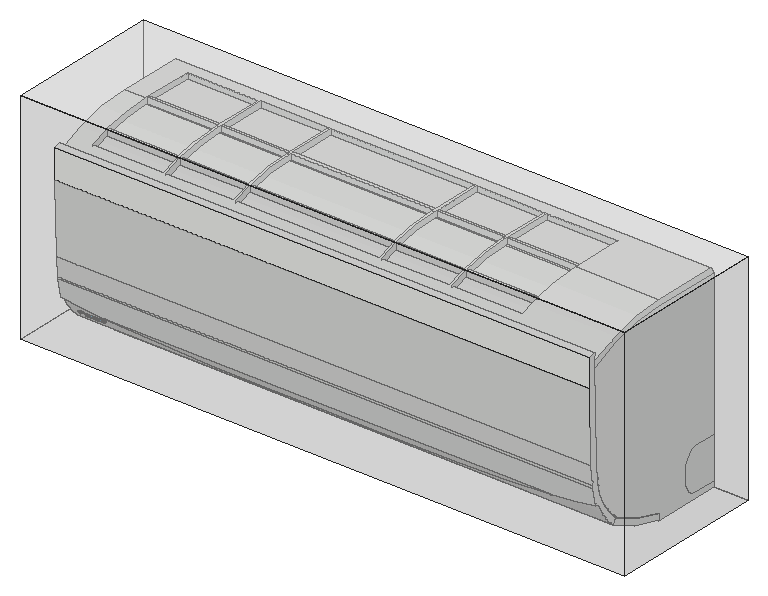
Revit family "outputfile", category 機械設備, Revit 2024
Family settings
  丸型コネクタ寸法 = 半径を使用
  パーツ タイプ = 標準
  OmniClass 番号 = 23.75.10.24.21.27.27
  OmniClass タイトル = Split System Air Conditioning Units
  作業面ベース = いいえ
  常に垂直 = はい
  ロード時にボイドで切り取り = いいえ
  注釈の向きを維持 = いいえ
  共有 = いいえ
  部屋計算ポイント = いいえ
Parameters (values of type "CTKC25RVM4")
  Description = ""
  書き出し IFC クラス(タイプ) = "IfcUnitaryEquipmentType"
  定義済み IFC タイプ(タイプ) = "AIRCONDITIONINGUNIT"
  Cost = 0
  Type Comments = ""
  Keynote = ""
  Type Image = (empty or 0)
  Assembly Code = ""
  w_wall hole = if(Width = 770.0 mm, 48.0 mm, 60.0 mm)  # 48.0 mm
  製造元 = "Daikin"
  モデル = "CTKC25RVM4"
  switch_frequency = yes
  r_Liquid Pipe Size = Liquid Pipe Size / 2  # 3.2 mm
  r_Gas Pipe Size = Gas Pipe Size / 2  # 4.75 mm
  r_Drain Pipe Size = Drain Pipe Size / 2  # 8.0 mm
  lw_powersupply [instance] = if(Width = 770.0 mm, if(or(Rear Right Connection_refrigerant, Bottom Right Connection_refrigerant), 25.0 mm, if(or(Rear Left Connection_refrigerant, Bottom Left Connection_refrigerant), 745.0 mm, 400.0 mm)), if(Width = 990.0 mm, if(or(Rear Right Connection_refrigerant, Bottom Right Connection_refrigerant), 40.0 mm, if(or(Rear Left Connection_refrigerant, Bottom Left Connection_refrigerant), 920.0 mm, 400.0 mm)), if(or(Rear Right Connection_refrigerant, Bottom Right Connection_refrigerant), 40.0 mm, if(or(Rear Left Connection_refrigerant, Bottom Left Connection_refrigerant), 920.0 mm, 400.0 mm))))  # 400.0 mm
  lw_liquidpipe [instance] = if(Width = 770.0 mm, if(or(Rear Right Connection_refrigerant, Bottom Right Connection_refrigerant), 0.0 mm, if(or(Rear Left Connection_refrigerant, Bottom Left Connection_refrigerant), 664.0 mm, 385.0 mm)), if(Width = 990.0 mm, if(or(Rear Right Connection_refrigerant, Bottom Right Connection_refrigerant), 0.0 mm, if(or(Rear Left Connection_refrigerant, Bottom Left Connection_refrigerant), 664.0 mm + (990.0 mm - 770.0 mm), 475.0 mm)), if(or(Rear Right Connection_refrigerant, Bottom Right Connection_refrigerant), 0.0 mm, if(or(Rear Left Connection_refrigerant, Bottom Left Connection_refrigerant), 664.0 mm + (990.0 mm - 770.0 mm), 475.0 mm))))  # 385.0 mm
  lw_gaspipe [instance] = if(Width = 770.0 mm, if(or(Rear Right Connection_refrigerant, Bottom Right Connection_refrigerant), 0.0 mm, if(or(Rear Left Connection_refrigerant, Bottom Left Connection_refrigerant), 675.0 mm, if(Gas Pipe Size = 12.7 mm, 345.0 mm, 335.0 mm))), if(Width = 990.0 mm, if(or(Rear Right Connection_refrigerant, Bottom Right Connection_refrigerant), 10.0 mm, if(or(Rear Left Connection_refrigerant, Bottom Left Connection_refrigerant), 890.0 mm, if(Gas Pipe Size = 15.9 mm, 410.0 mm, 400.0 mm))), if(or(Rear Right Connection_refrigerant, Bottom Right Connection_refrigerant), 10.0 mm, if(or(Rear Left Connection_refrigerant, Bottom Left Connection_refrigerant), 890.0 mm, if(Gas Pipe Size = 15.9 mm, 410.0 mm, 400.0 mm)))))  # 335.0 mm
  lw_drainpipe [instance] = if(Width = 770.0 mm, if(or(Rear Right Connection_refrigerant, Bottom Right Connection_refrigerant), 0.0 mm, if(or(Rear Left Connection_refrigerant, Bottom Left Connection_refrigerant), 770.0 mm - 48.0 mm - 48.0 mm, 440.0 mm)), if(Width = 990.0 mm, if(or(Rear Right Connection_refrigerant, Bottom Right Connection_refrigerant), 0.0 mm, if(or(Rear Left Connection_refrigerant, Bottom Left Connection_refrigerant), 675.0 mm + (990.0 mm - 770.0 mm), 435.0 mm)), if(or(Rear Right Connection_refrigerant, Bottom Right Connection_refrigerant), 0.0 mm, if(or(Rear Left Connection_refrigerant, Bottom Left Connection_refrigerant), 675.0 mm + (990.0 mm - 770.0 mm), 435.0 mm))))  # 440.0 mm
  l_powersupply_length [instance] = if(Width = 770.0 mm, if(Right Connection_refrigerant, 400.0 mm, if(Left Connection_refrigerant, 770.0 mm - 400.0 mm, if(or(Rear Left Connection_refrigerant, Rear Right Connection_refrigerant), 15.0 mm, 50.0 mm))), if(Width = 990.0 mm, if(Right Connection_refrigerant, 400.0 mm, if(Left Connection_refrigerant, 990.0 mm - 400.0 mm, if(or(Rear Left Connection_refrigerant, Rear Right Connection_refrigerant), 15.0 mm, 50.0 mm))), if(Right Connection_refrigerant, 400.0 mm, if(Left Connection_refrigerant, 990.0 mm - 400.0 mm, if(or(Rear Left Connection_refrigerant, Rear Right Connection_refrigerant), 15.0 mm, 50.0 mm)))))  # 400.0 mm
  l_liquidpipe_length [instance] = if(Width = 770.0 mm, if(Right Connection_refrigerant, 433.0 mm, if(Left Connection_refrigerant, 337.0 mm, if(or(Rear Left Connection_refrigerant, Rear Right Connection_refrigerant), 30.0 mm, 40.0 mm))), if(Width = 990.0 mm, if(Right Connection_refrigerant, 535.0 mm, if(Left Connection_refrigerant, 455.0 mm, if(or(Rear Left Connection_refrigerant, Rear Right Connection_refrigerant), 30.0 mm, 40.0 mm))), if(Right Connection_refrigerant, 535.0 mm, if(Left Connection_refrigerant, 455.0 mm, if(or(Rear Left Connection_refrigerant, Rear Right Connection_refrigerant), 30.0 mm, 40.0 mm)))))  # 433.0 mm
  l_gaspipe_length [instance] = if(Width = 770.0 mm, if(Right Connection_refrigerant, if(Gas Pipe Size = 12.7 mm, 393.0 mm, 383.0 mm), if(Left Connection_refrigerant, if(Gas Pipe Size = 12.7 mm, 770.0 mm - 393.0 mm, 770.0 mm - 383.0 mm), if(or(Rear Left Connection_refrigerant, Rear Right Connection_refrigerant), 40.0 mm, 50.0 mm))), if(Width = 990.0 mm, if(Right Connection_refrigerant, if(Gas Pipe Size = 15.9 mm, 470.0 mm, 460.0 mm), if(Left Connection_refrigerant, if(Gas Pipe Size = 15.9 mm, 990.0 mm - 470.0 mm, 990.0 mm - 460.0 mm), if(or(Rear Left Connection_refrigerant, Rear Right Connection_refrigerant), 40.0 mm, 50.0 mm))), if(Right Connection_refrigerant, if(Gas Pipe Size = 15.9 mm, 470.0 mm, 460.0 mm), if(Left Connection_refrigerant, if(Gas Pipe Size = 15.9 mm, 990.0 mm - 470.0 mm, 990.0 mm - 460.0 mm), if(or(Rear Left Connection_refrigerant, Rear Right Connection_refrigerant), 40.0 mm, 50.0 mm)))))  # 383.0 mm
  l_drainpipe_length [instance] = if(Width = 770.0 mm, if(Right Connection_refrigerant, 488.0 mm, if(Left Connection_refrigerant, 282.0 mm, if(or(Rear Left Connection_refrigerant, Rear Right Connection_refrigerant), 15.0 mm, 20.0 mm))), if(Width = 990.0 mm, if(Right Connection_refrigerant, 495.0 mm, if(Left Connection_refrigerant, 495.0 mm, if(or(Rear Left Connection_refrigerant, Rear Right Connection_refrigerant), 15.0 mm, 20.0 mm))), if(Right Connection_refrigerant, 495.0 mm, if(Left Connection_refrigerant, 495.0 mm, if(or(Rear Left Connection_refrigerant, Rear Right Connection_refrigerant), 15.0 mm, 20.0 mm)))))  # 488.0 mm
  h*** = 0.0 mm  # constant formula
  connector_voltage = Voltage_50Hz  # 230 V
  connector_powerinput = [Power Input (Cooling)]  # 0.000 kW
  connector_phase = Phase_50Hz  # 1
  angle_vertical [instance] = if(or(Bottom Left Connection_refrigerant, Bottom Right Connection_refrigerant), 0.00°, 90.00°)  # 90.00°
  angle_horizontal [instance] = if(Right Connection_refrigerant, 90.00°, if(Left Connection_refrigerant, -90.00°, if(or(Rear Left Connection_refrigerant, Rear Right Connection_refrigerant), 180.00°, 0.00°)))  # 90.00°
  Width = 770.0 mm
  Voltage_comment_50Hz = "220 - 240"
  Voltage_50Hz = 230 V
  Version = "ver.1.0"
  Unit Type = "Wall Mounted"
  Unit Mass Weight = 9.00 kg
  Unit Designation [instance] = ""
  Uniclass2015Version = "Products v1.30"
  Uniclass2015Title = "Split coil room air conditioning units"
  Uniclass2015Code = "Pr_70_65_03_86"
  URL = ""
  Total Cooling Capacity [instance] = 0.000 kW
  Sound Pressure Level_M speed (dBA) = 33
  Sound Pressure Level_L speed (dBA) = 25
  Sound Pressure Level_H speed (dBA) = 38
  Sound Power Level_H speed (dB) = 0
  Series = "Multi Split_Fan Coil Unit"
  Sensible Cooling Capacity [instance] = 0.000 kW
  Refrigerant Type = "R32"
  Power Input (Cooling) = 0.000 kW
  Phase_50Hz = 1
  Option Accessory 3 [instance] = ""
  Option Accessory 2 [instance] = ""
  Option Accessory 1 [instance] = ""
  Nominal Cooling Capacity = 2.500 kW
  Minimum Circuit Amps_50Hz = 0.0 A
  Minimum Airflow = 396.00 m³/h
  Median Airflow = 540.00 m³/h
  Maximum Fuse Amps_50Hz = 0.0 A
  Maximum Airflow = 660.00 m³/h
  Material_Casing = DAIKIN_White_Casing_indoorunit
  Load Classification = HVAC
  Liquid Pipe Size = 6.4 mm
  Link_Nested Family [instance] = ""
  IfcVersion = ""
  IfcExportType = "AIRCONDITIONINGUNIT"
  IfcExportAs = "IfcUnitaryEquipmentType"
  Height = 285.0 mm
  Heat Exchanger Type = "Cross Fin Coil"
  Gas Pipe Size = 9.5 mm
  Frequency_50Hz = 50 Hz
  Fan Type = "Cross Flow Fan"
  Fan Drive = "Direct Drive"
  FCU Tag No. [instance] = ""
  Drain Pipe Size = 16.0 mm
  Design Supply Airflow [instance] = 0.00 m³/h
  Depth = 223.0 mm
  既定の高さ = 0.0 mm
  Cooling Entering Wet Bulb Temperature [instance] = 0.00 °C
  Cooling Entering Dry Bulb Temperature [instance] = 0.00 °C
  Cooling Ambient Wet Bulb Temperature [instance] = 0.00 °C
  Cooling Ambient Dry Bulb Temperature [instance] = 0.00 °C
  Clearance visibility [instance] = yes
  Clearance Top = 30.0 mm
  Clearance Right = 50.0 mm
  Clearance Rear = 0.0 mm
  Clearance Left = 50.0 mm
  Clearance Front = 0.0 mm
  Clearance Bottom = 0.0 mm
  Bottom Right Connection_refrigerant [instance] = no
  Bottom Left Connection_refrigerant [instance] = no
  Rear Right Connection_refrigerant [instance] = no
  Rear Left Connection_refrigerant [instance] = no
  Right Connection_refrigerant [instance] = yes
  Left Connection_refrigerant [instance] = no
Reference planes
  plane 1 "Back": y = 0
  plane 2: z = 0
  plane 3 "Center (Left/Right)": x = 0
  plane 4 "Center (Front/Back)": y = -111.5
  plane 5 "Front": y = -223
  plane 6 "Left": x = -385
  plane 7 "Right": x = 385
  plane 8 "Top": z = 0
  plane 9 "Bottom": z = -285
  plane 10: x = -435
  plane 11: x = 435
  plane 12: y = 0
  plane 13: y = -223
  plane 14: z = 30
  plane 15: z = -285
  plane 16 "lw_Piping and Wiring intake": x = 337
  plane 17 "lw_gaspipe": x = 2
  plane 18 "lw_liquidpipe": x = -48
  plane 19 "lw_drainpipe": x = -103
  plane 20 "lh_drainpipe": z = -265
  plane 21 "lh_liquidpipe": z = -245
  plane 22 "lh_gaspipe": z = -235
  plane 23 "ld_drainpipe": y = -15
  plane 24 "ld_liquidpipe": y = -30
  plane 25 "ld_gaspipe": y = -40
  plane 26 "lw_powersupply": x = -15
Dimensions and locks
  equal spacing: plane 6 "Left", plane 3 "Center (Left/Right)", plane 7 "Right"
  "Width": plane 6 "Left" to plane 7 "Right"
  equal spacing: plane 5 "Front", plane 4 "Center (Front/Back)", plane 1 "Back"
  "Depth": plane 5 "Front" to plane 1 "Back"
  "Height": plane 8 "Top" to plane 9 "Bottom"
  "Clearance Rear": plane 12 to plane 1 "Back"
  "Clearance Front": plane 13 to plane 5 "Front"
  "Clearance Top": plane 14 to plane 8 "Top"
  "Clearance Bottom": plane 9 "Bottom" to plane 15
  "w_wall hole": plane 16 "lw_Piping and Wiring intake" to plane 7 "Right"
  "lw_gaspipe": plane 17 "lw_gaspipe" to plane 16 "lw_Piping and Wiring intake"
  "lw_liquidpipe": plane 18 "lw_liquidpipe" to plane 16 "lw_Piping and Wiring intake"
  "lw_drainpipe": plane 19 "lw_drainpipe" to plane 16 "lw_Piping and Wiring intake"
  locked: plane 20 "lh_drainpipe" to plane 9 "Bottom" at 20
  locked: plane 21 "lh_liquidpipe" to plane 9 "Bottom" at 40
  locked: plane 22 "lh_gaspipe" to plane 9 "Bottom" at 50
  locked: plane 23 "ld_drainpipe" to plane 1 "Back" at 15
  locked: plane 1 "Back" to plane 24 "ld_liquidpipe" at 30
  locked: plane 1 "Back" to plane 25 "ld_gaspipe" at 40
  "lw_powersupply": plane 26 "lw_powersupply" to plane 7 "Right"
  "Clearance Right": plane 7 "Right" to plane 11
  "Clearance Left": plane 10 to plane 6 "Left"
  aligned and locked: level to plane 2
  aligned and locked: plane 12 to nested 1
  aligned and locked: nested 1 to plane 13
  aligned and locked: plane 10 to nested 1
  aligned and locked: plane 11 to nested 1
  aligned and locked: plane 15 to nested 1
  aligned and locked: plane 14 to nested 1
  aligned and locked: plane 17 "lw_gaspipe" to nested 2
  aligned and locked: nested 2 to plane 25 "ld_gaspipe"
  aligned and locked: plane 18 "lw_liquidpipe" to nested 3
  aligned and locked: nested 3 to plane 24 "ld_liquidpipe"
  aligned and locked: plane 19 "lw_drainpipe" to nested 4
  aligned and locked: nested 4 to plane 23 "ld_drainpipe"
  aligned and locked: nested 5 to plane 23 "ld_drainpipe"
  aligned and locked: plane 26 "lw_powersupply" to nested 5
  aligned and locked: level to plane 8 "Top"
  aligned and locked: plane 3 "Center (Left/Right)" to nested 6
  aligned and locked: plane 1 "Back" to nested 6
  aligned and locked: plane 8 "Top" to nested 6
Nested families
  nested 1: "daikin_clearancespace" at (0, -111.5, -127.381), show <- "Clearance visibility", visible <- "Clearance visibility", Link_Nested Family <- "Link_Nested Family", type "daikin_clearancespace"
    with width 870.0 mm, show yes, height 315.0 mm, depth 223.0 mm, Link_Nested Family ""
  nested 2: "daikin_connector_rotate3" at (2, -40, -235), angle_vertical <- "angle_vertical", angle_horizontal <- "angle_horizontal", length <- "l_gaspipe_length", radius <- "r_Gas Pipe Size", type "daikin_connector_rotate3"
    with show no, radius 4.75 mm, length 383.0 mm, angle_vertical 90.00°, angle_horizontal 90.00°
  nested 3: "daikin_connector_rotate3" at (-48, -30, -245), angle_vertical <- "angle_vertical", angle_horizontal <- "angle_horizontal", radius <- "r_Liquid Pipe Size", length <- "l_liquidpipe_length", type "daikin_connector_rotate3"
    with show no, radius 3.2 mm, length 433.0 mm, angle_vertical 90.00°, angle_horizontal 90.00°
  nested 4: "daikin_connector_rotate3" at (-103, -15, -265), angle_vertical <- "angle_vertical", angle_horizontal <- "angle_horizontal", length <- "l_drainpipe_length", radius <- "r_Drain Pipe Size", type "daikin_connector_rotate3"
    with show no, radius 8.0 mm, length 488.0 mm, angle_vertical 90.00°, angle_horizontal 90.00°
  nested 5: "daikin_connector_rotate3" at (-15, -15, -235), angle_vertical <- "angle_vertical", angle_horizontal <- "angle_horizontal", length <- "l_powersupply_length", type "daikin_connector_rotate3"
    with show no, radius 10.0 mm, length 400.0 mm, angle_vertical 90.00°, angle_horizontal 90.00°
  nested 6: "DAIKIN_indoorunit_CTKC-RVM4" at (-31, 0, 0), type "CTKC-RVM4"
Connectors
  piping at (385, -40, -235), diameter 9.5, driven by "r_Gas Pipe Size"
    settings: on nested 2, index 1, connector inside diameter 609.6 mm, connector length 0.0 mm, flow factor 0, pipe flow 0.00 m³/h, pressure drop 0.0 Pa, fitting loss kfactor 0, connector angle 0.00°, fixture units 0, engagement length 0.0 mm, angle of deflection 0.00°, flow configuration 1, flow direction 2, fitting loss method 0, system type 29, joint type 0, gender type 0, connector reference index -1, connector utility 0, adjustable connector no, is connector primary yes, connector description "Refrigerant Gas Piping"
  piping at (385, -30, -245), diameter 6.4, driven by "r_Liquid Pipe Size"
    settings: on nested 3, index 2, connector inside diameter 609.6 mm, connector length 0.0 mm, flow factor 0, pipe flow 0.00 m³/h, pressure drop 0.0 Pa, fitting loss kfactor 0, connector angle 0.00°, fixture units 0, engagement length 0.0 mm, angle of deflection 0.00°, flow configuration 1, flow direction 1, fitting loss method 0, system type 29, joint type 0, gender type 0, connector reference index -1, connector utility 0, adjustable connector no, is connector primary no, connector description "Refrigerant Liquid Piping"
  piping at (385, -15, -265), diameter 16, driven by "r_Drain Pipe Size"
    settings: on nested 4, index 3, connector inside diameter 609.6 mm, connector length 0.0 mm, flow factor 0, pipe flow 0.00 m³/h, pressure drop 0.0 Pa, fitting loss kfactor 0, connector angle 0.00°, fixture units 0, engagement length 0.0 mm, angle of deflection 0.00°, flow configuration 1, flow direction 2, fitting loss method 4, system type 16, joint type 0, gender type 0, connector reference index -1, connector utility 0, adjustable connector no, is connector primary no, connector description "Condensate Drain Piping"
  electrical at (385, -15, -235), driven by "Load Classification", driven by "connector_voltage", driven by "connector_powerinput", driven by "connector_phase"
    settings: on nested 5, index 4, voltage 230 V, apparent load 0 VA, apparent load phase1 0 VA, apparent load phase2 0 VA, apparent load phase3 0 VA, power factor 1, load classification "HVAC", number of poles 1, system type 30, power factor state 1, is connector primary yes, connector utility no, sub classification motor no, connector description "Power Supply"
Definition of nested family "daikin_clearancespace"
  Parameters (values of type "daikin_clearancespace")
    Description = "daikin_clearancespace"
    width [instance] = 1823.963 mm
    show [instance] = yes
    material = none
    height [instance] = 1359.762 mm
    depth [instance] = 880.0 mm
    Default Elevation = 0.0 mm
    Link_Nested Family [instance] = ""
  Reference planes
    plane 1 "Center (Front/Back)": y = 0
    plane 2 "Center (Elevation)": z = -0.119
    plane 3 "Center (Left/Right)": x = 0
    plane 4: y = 440
    plane 5: y = -440
    plane 6 "Right": x = 911.982
    plane 7 "Left": x = -911.982
    plane 8 "Top": z = 679.762
    plane 9 "Bottom": z = -680
  Forms (mm)
    Extrusion 1, solid, material <- "material", visible <- "show"
      sketch origin (0, 0, 0) x (1, 0, 0) y (0, 1, 0)
        loop
          line (-911.982, 440) -> (-911.982, -440) -> (911.982, -440) -> (911.982, 440) -> (-911.982, 440)
      from -680 to 679.762
  Lines and regions (mm)
    symbolic lines, visible <- "show"
      curve 1: line (911.982, 440, 0) -> (-911.982, 440, 0)
      curve 2: line (-911.982, 440, 0) -> (-911.982, -440, 0)
      curve 3: line (-911.982, -440, 0) -> (911.982, -440, 0)
      curve 4: line (911.982, -440, 0) -> (911.982, 440, 0)
      curve 5: line (911.982, 0, 679.762) -> (-911.982, 0, 679.762)
      curve 6: line (911.982, 0, -680) -> (911.982, 0, 679.762)
      curve 7: line (-911.982, 0, -680) -> (911.982, 0, -680)
      curve 8: line (-911.982, 0, 679.762) -> (-911.982, 0, -680)
      curve 9: line (0, 440, 679.762) -> (0, -440, 679.762)
      curve 10: line (0, -440, 679.762) -> (0, -440, -680)
      curve 11: line (0, 440, -680) -> (0, 440, 679.762)
      curve 12: line (0, -440, -680) -> (0, 440, -680)
  Dimensions and locks
    "width": plane 7 "Left" to plane 6 "Right"
    "depth": plane 4 to plane 5
    "height": plane 8 "Top" to plane 9 "Bottom"
    equal spacing: plane 7 "Left", plane 3 "Center (Left/Right)", plane 6 "Right"
    equal spacing: plane 4, plane 1 "Center (Front/Back)", plane 5
    equal spacing: plane 8 "Top", plane 2 "Center (Elevation)", plane 9 "Bottom"
    aligned and locked: level to plane 2 "Center (Elevation)"
    aligned and locked: Extrusion 1 sketch curve to plane 4
    aligned and locked: plane 7 "Left" to Extrusion 1 sketch curve
    aligned and locked: Extrusion 1 sketch curve to plane 5
    aligned and locked: Extrusion 1 sketch curve to plane 6 "Right"
    aligned and locked: plane 8 "Top" to Extrusion 1
    aligned and locked: curve 1 to Extrusion 1
    aligned and locked: curve 2 to Extrusion 1
    aligned and locked: curve 3 to Extrusion 1
    aligned and locked: curve 4 to Extrusion 1
    aligned and locked: curve 5 to Extrusion 1
    aligned and locked: curve 6 to Extrusion 1
    aligned and locked: curve 7 to Extrusion 1
    aligned and locked: curve 8 to Extrusion 1
    aligned and locked: curve 9 to Extrusion 1
    aligned and locked: curve 10 to Extrusion 1
    aligned and locked: curve 11 to Extrusion 1
    aligned and locked: curve 12 to Extrusion 1
    aligned and locked: Extrusion 1 to plane 9 "Bottom"
Definition of nested family "DAIKIN_indoorunit_CTKC-RVM4"
  Parameters (values of type "FTKM-QVMA")
    Material_Casing = none
    Default Elevation = 0.0 mm
  Reference planes
    plane 1 "Center (Front/Back)": y = 0
    plane 2 "reference_level": z = 0
    plane 3 "Center (Left/Right)": x = 31
    plane 4: x = -354
    plane 5: x = 416
    plane 6: z = -285
  Forms (mm)
    Extrusion 1, solid, material <- "Material_Casing"
      sketch origin (29, 0, 0) x (0, 1, 0) y (0, 0, 1)
        loop
          line (-5, 0) -> (-98, 0)
          arc (-98, 0) -> (-157.611, -7.211) -> (-213.783, -28.427) r 250
          arc (-213.783, -28.427) -> (-213.842, -32.972) -> (-213.892, -37.516) r 2191
          arc (-213.892, -37.516) -> (-157.832, -15.495) -> (-98.07, -8) r 242
          line (-98.07, -8) -> (0, -8) -> (-5, 0)
      from -383 to 387
    Extrusion 2, solid, material <- "Material_Casing"
      sketch origin (416, 1296.25, 1200) x (0, 1, 0) y (0, 0, 1)
        loop
          line (-1472.998, -1446.91) -> (-1476.998, -1453.839)
          arc (-1476.998, -1453.839) -> (-1437.481, -1472.422) -> (-1395.25, -1483.538) r 240
          line (-1395.25, -1483.538) -> (-1395.25, -1475.422)
          arc (-1395.25, -1475.422) -> (-1435.407, -1464.663) -> (-1472.998, -1446.91) r 232
      from 0 to -47.5
    Extrusion 3, solid, material <- "Material_Casing"
      sketch origin (29, 0, 0) x (0, 1, 0) y (0, 0, 1)
        loop
          arc (-223, -60.455) -> (-222.414, -110.646) -> (-220.656, -160.81) r 2149.92
          arc (-220.656, -160.81) -> (-219.65, -174.299) -> (-217.853, -187.706) r 229.911
          arc (-217.853, -187.706) -> (-205.371, -223.594) -> (-181.517, -253.17) r 111
          line (-181.517, -253.17) -> (-177.429, -246.093)
          arc (-177.429, -246.093) -> (-198.77, -218.989) -> (-209.965, -186.36) r 103
          arc (-209.965, -186.36) -> (-211.681, -173.586) -> (-212.651, -160.735) r 221.844
          arc (-212.651, -160.735) -> (-214.739, -93.233) -> (-214.74, -25.699) r 2186.828
          arc (-214.74, -25.699) -> (-214.671, -21.467) -> (-214.594, -17.235) r 2192
          line (-214.594, -17.235) -> (-223, -19.961) -> (-223, -60.455)
      from -383 to 387
    Extrusion 4, solid, material <- "Material_Casing"
      sketch origin (29, 0, 0) x (0, 1, 0) y (0, 0, 1)
        loop
          line (-181.517, -253.17) -> (-179.597, -249.846)
          arc (-179.597, -249.846) -> (-202.009, -221.399) -> (-213.189, -186.952) r 103
          line (-213.189, -186.952) -> (-217.853, -187.706)
          arc (-217.853, -187.706) -> (-217.533, -189.556) -> (-217.182, -191.4) r 111
          arc (-217.182, -191.4) -> (-213.806, -208.181) -> (-210.362, -224.948) r 4257.809
          arc (-210.362, -224.948) -> (-198.886, -237.857) -> (-186.225, -249.607) r 180
          line (-186.225, -249.607) -> (-181.517, -253.17)
      from -383 to 387
    Extrusion 5, solid, material <- "Material_Casing"
      sketch origin (29, 0, -20) x (0, 1, 0) y (0, 0, 1)
        loop
          line (0, -265) -> (0, 12) -> (-98.07, 12)
          arc (-98.07, 12) -> (-157.832, 4.505) -> (-213.892, -17.516) r 242
          arc (-213.892, -17.516) -> (-213.638, -79.114) -> (-211.653, -140.681) r 2191
          arc (-211.653, -140.681) -> (-210.685, -153.501) -> (-208.973, -166.243) r 221
          arc (-208.973, -166.243) -> (-197.471, -199.282) -> (-175.482, -226.491) r 102
          arc (-175.482, -226.491) -> (-138.004, -244.019) -> (-98, -254.579) r 231
          line (-98, -254.579) -> (-98, -265) -> (0, -265)
      from -383 to 387
    Extrusion 6, solid, material <- "Material_Casing"
      sketch origin (-354, 1296.25, 1200) x (0, 1, 0) y (0, 0, 1)
        loop
          line (-1472.998, -1446.91) -> (-1476.998, -1453.839)
          arc (-1476.998, -1453.839) -> (-1437.481, -1472.422) -> (-1395.25, -1483.538) r 240
          line (-1395.25, -1483.538) -> (-1395.25, -1475.422)
          arc (-1395.25, -1475.422) -> (-1435.407, -1464.663) -> (-1472.998, -1446.91) r 232
      from 47 to 0
    Extrusion 7, solid, material <- "Material_Casing"
      sketch origin (416, 1296.25, 1200) x (0, 1, 0) y (0, 0, 1)
        loop
          line (-1472.998, -1446.91) -> (-1476.998, -1453.839)
          arc (-1476.998, -1453.839) -> (-1443.437, -1470.168) -> (-1407.75, -1481.097) r 240
          line (-1407.75, -1481.097) -> (-1407.75, -1472.894)
          arc (-1407.75, -1472.894) -> (-1441.363, -1462.385) -> (-1472.998, -1446.91) r 232
      from -116.993 to -48.493
    Extrusion 8, solid, material <- "Material_Casing"
      sketch origin (416, 1296.25, 1200) x (0, 1, 0) y (0, 0, 1)
        loop
          line (-1472.998, -1446.91) -> (-1476.998, -1453.839)
          arc (-1476.998, -1453.839) -> (-1443.437, -1470.168) -> (-1407.75, -1481.097) r 240
          line (-1407.75, -1481.097) -> (-1407.75, -1472.894)
          arc (-1407.75, -1472.894) -> (-1441.363, -1462.385) -> (-1472.998, -1446.91) r 232
      from -717 to -121.993
    Extrusion 9, void
      sketch origin (31, 0, -235) x (1, 0, 0) y (0, 1, 0)
        loop
          line (-252.674, -22.316) -> (-354.941, -22.316) -> (-354.941, -91.341) -> (-252.674, -91.341) -> (-252.674, -22.316)
        loop
          line (-249.341, -91.341) -> (-151.574, -91.341) -> (-151.574, -22.316) -> (-249.341, -22.316) -> (-249.341, -91.341)
        loop
          line (58.309, -22.316) -> (-148.309, -22.316) -> (-148.309, -91.341) -> (58.309, -91.341) -> (58.309, -22.316)
        loop
          line (61.689, -22.316) -> (61.689, -91.341) -> (159.457, -91.341) -> (159.457, -22.316) -> (61.689, -22.316)
        loop
          line (162.789, -22.316) -> (162.789, -91.341) -> (265.057, -91.341) -> (265.057, -22.316) -> (162.789, -22.316)
        loop
          line (-354.941, -94.659) -> (-354.941, -165.259) -> (-252.674, -165.259) -> (-252.674, -94.659) -> (-354.941, -94.659)
        loop
          line (-249.341, -94.659) -> (-249.341, -165.259) -> (-151.574, -165.259) -> (-151.574, -94.659) -> (-249.341, -94.659)
        loop
          line (-148.309, -94.659) -> (-148.309, -165.259) -> (58.309, -165.259) -> (58.309, -94.659) -> (-148.309, -94.659)
        loop
          line (61.689, -94.659) -> (61.689, -165.259) -> (159.457, -165.259) -> (159.457, -94.659) -> (61.689, -94.659)
        loop
          line (162.789, -94.659) -> (162.789, -165.259) -> (265.057, -165.259) -> (265.057, -94.659) -> (162.789, -94.659)
        loop
          line (-354.941, -167.382) -> (-354.941, -192.681) -> (-252.674, -192.681) -> (-252.674, -167.382) -> (-354.941, -167.382)
        loop
          line (-249.341, -167.382) -> (-249.341, -192.681) -> (-151.574, -192.681) -> (-151.574, -167.382) -> (-249.341, -167.382)
        loop
          line (-148.309, -167.382) -> (-148.309, -192.681) -> (58.309, -192.681) -> (58.309, -167.382) -> (-148.309, -167.382)
        loop
          line (159.457, -167.382) -> (61.689, -167.382) -> (61.689, -192.681) -> (159.457, -192.681) -> (159.457, -167.382)
        loop
          line (265.057, -167.382) -> (162.789, -167.382) -> (162.789, -192.681) -> (265.057, -192.681) -> (265.057, -167.382)
      from 201.638 to 250
    Extrusion 10, void
      sketch origin (31, 0, 0) x (1, 0, 0) y (0, 0, 1)
        loop
          arc (597, -174.907) -> (0.056, -245.263) -> (-597, -175.856) r 2585.042
          line (-597, -175.856) -> (-597, -352.872) -> (597, -352.872) -> (597, -174.907)
      from 173 to 315.3
    Extrusion 11, solid, material <- "Material_Casing"
      sketch origin (31, 0, 0) x (1, 0, 0) y (0, 0, 1)
        loop
          circle (337, -240.5) r 32.5
        loop
          circle (-337, -240.5) r 32.5
      from 0 to 5
    Extrusion 12, solid, material <- "Material_Casing"
      sketch origin (416, 1296.25, 1200) x (0, -1, 0) y (0, 0, 1)
        loop
          line (1326.25, -1417) -> (1296.25, -1417) -> (1296.25, -1477) -> (1326.25, -1477)
          arc (1326.25, -1477) -> (1340.393, -1471.142) -> (1346.25, -1457) r 20
          line (1346.25, -1457) -> (1346.25, -1437)
          arc (1346.25, -1437) -> (1340.393, -1422.858) -> (1326.25, -1417) r 20
      from 0 to 5
    Extrusion 13, solid, material <- "Material_Casing"
      sketch origin (-354, 1296.25, 1200) x (0, 1, 0) y (0, 0, 1)
        loop
          line (-1296.25, -1417) -> (-1326.25, -1417)
          arc (-1326.25, -1417) -> (-1340.393, -1422.858) -> (-1346.25, -1437) r 20
          line (-1346.25, -1437) -> (-1346.25, -1457)
          arc (-1346.25, -1457) -> (-1340.393, -1471.142) -> (-1326.25, -1477) r 20
          line (-1326.25, -1477) -> (-1296.25, -1477) -> (-1296.25, -1417)
      from 0 to 5
    Extrusion 14, solid, material <- "Material_Casing"
      sketch origin (31, 0, -285) x (-1, 0, 0) y (0, -1, 0)
        loop
          line (-314, 0) -> (-314, 30)
          arc (-314, 30) -> (-319.858, 44.142) -> (-334, 50) r 20
          line (-334, 50) -> (-354, 50)
          arc (-354, 50) -> (-368.142, 44.142) -> (-374, 30) r 20
          line (-374, 30) -> (-374, 0) -> (-314, 0)
        loop
          line (374, 0) -> (374, 30)
          arc (374, 30) -> (368.142, 44.142) -> (354, 50) r 20
          line (354, 50) -> (334, 50)
          arc (334, 50) -> (319.858, 44.142) -> (314, 30) r 20
          line (314, 30) -> (314, 0) -> (374, 0)
      from 0 to 5
  Cuts and joins
    Extrusion 9 cuts Extrusion 1
    Extrusion 10 cuts Extrusion 4
    joined: Extrusion 3, Extrusion 4
  Lines and regions (mm)
    reference lines
      curve 1: line (-523, -201.911, -229.404) -> (-523, -193.542, -239.977)
  Dimensions and locks
    locked: Extrusion 10 sketch curve to Extrusion 10 sketch curve at 1194
    Extrusion 10 sketch curve to Extrusion 10 sketch curve = 1194.0 mm
    locked: Extrusion 12 sketch curve to Extrusion 12 sketch curve at 60
    locked: Extrusion 12 sketch curve to Extrusion 12 sketch curve at 50
    locked: Extrusion 14 sketch curve to Extrusion 14 sketch curve at 60  (x2)
    locked: Extrusion 14 sketch curve to Extrusion 14 sketch curve at 50
    equal spacing: plane 5, plane 3 "Center (Left/Right)", plane 4
    plane 5 to plane 4 = 770.0 mm
    locked: Extrusion 11 sketch curve to plane 4 at 48
    plane 5 to Extrusion 11 sketch curve = 48.0 mm
    plane 2 "reference_level" to plane 6 = 285.0 mm
    locked: Extrusion 11 sketch curve to plane 6 at 44.5  (x2)
    locked: cut or joined group of Extrusion 3, Extrusion 4, Extrusion 10 to nested 1 at 15
    diameter of Extrusion 11 sketch curve = 65.0 mm  (x2)
    aligned and locked: level to plane 2 "reference_level"
    aligned and locked: nested 1 to curve 1
    aligned and locked: Extrusion 13 sketch curve to Extrusion 12  (x4)
    aligned and locked: Extrusion 14 sketch curve to Extrusion 14 sketch curve  (x2)
    aligned and locked: Extrusion 11 to plane 1 "Center (Front/Back)"
  Automatic sketch dimensions
    Extrusion 10 sketch curve to plane 3 "Center (Left/Right)" = 597.0 mm
    Extrusion 10 sketch curve to plane 3 "Center (Left/Right)" = 2.0 mm
    Extrusion 10 sketch curve to level = 352.872 mm
    Extrusion 10 sketch curve to level = 175.856 mm
    Extrusion 10 sketch curve to level = 174.907 mm
    curve 1 to level = 239.977 mm
    plane 1 "Center (Front/Back)" to curve 1 = 193.542 mm
    curve 1 to curve 1 = 10.573 mm
    curve 1 to curve 1 = 8.368 mm
    Extrusion 1 sketch curve to level = 0.0 mm
    Extrusion 1 sketch curve to plane 1 "Center (Front/Back)" = 0.0 mm
    plane 1 "Center (Front/Back)" to Extrusion 1 sketch curve = 5.0 mm
    plane 1 "Center (Front/Back)" to Extrusion 1 sketch curve = 98.0 mm
    Extrusion 1 sketch curve to Extrusion 1 sketch curve = 0.07 mm
    Extrusion 1 sketch curve to level = 59.292 mm
    Extrusion 1 sketch curve to plane 1 "Center (Front/Back)" = 1977.0 mm
    Extrusion 1 sketch curve to level = 250.0 mm
    Extrusion 1 sketch curve to Extrusion 1 sketch curve = 0.0 mm
    Extrusion 1 sketch curve to level = 8.0 mm
    Extrusion 1 sketch curve to level = 28.427 mm
    plane 1 "Center (Front/Back)" to Extrusion 2 sketch curve = 180.748 mm
    Extrusion 2 sketch curve to Extrusion 2 sketch curve = 4.0 mm
    Extrusion 2 sketch curve to Extrusion 2 sketch curve = 77.747 mm
    plane 1 "Center (Front/Back)" to Extrusion 2 sketch curve = 59.279 mm
    Extrusion 2 sketch curve to Extrusion 2 sketch curve = 0.0 mm
    Extrusion 2 sketch curve to level = 283.538 mm
    Extrusion 2 sketch curve to Extrusion 2 sketch curve = 8.116 mm
    Extrusion 2 sketch curve to Extrusion 2 sketch curve = 21.583 mm
    Extrusion 2 sketch curve to Extrusion 2 sketch curve = 6.929 mm
    Extrusion 3 sketch curve to level = 19.961 mm
    plane 1 "Center (Front/Back)" to Extrusion 3 sketch curve = 223.0 mm
    Extrusion 3 sketch curve to level = 17.235 mm
    Extrusion 3 sketch curve to Extrusion 3 sketch curve = 8.406 mm
    plane 1 "Center (Front/Back)" to Extrusion 3 sketch curve = 181.517 mm
    Extrusion 3 sketch curve to Extrusion 3 sketch curve = 4.087 mm
    Extrusion 3 sketch curve to Extrusion 3 sketch curve = 69.11 mm
    Extrusion 3 sketch curve to Extrusion 3 sketch curve = 0.001 mm
    Extrusion 3 sketch curve to plane 1 "Center (Front/Back)" = 8.955 mm
    Extrusion 3 sketch curve to Extrusion 3 sketch curve = 0.067 mm
    Extrusion 3 sketch curve to level = 60.455 mm
    Extrusion 3 sketch curve to Extrusion 3 sketch curve = 1917.898 mm
    Extrusion 3 sketch curve to Extrusion 3 sketch curve = 44.907 mm
    Extrusion 3 sketch curve to Extrusion 3 sketch curve = 5.172 mm
    Extrusion 3 sketch curve to level = 150.456 mm
    Extrusion 3 sketch curve to Extrusion 3 sketch curve = 0.006 mm
    Extrusion 3 sketch curve to Extrusion 3 sketch curve = 19.265 mm
    Extrusion 3 sketch curve to Extrusion 3 sketch curve = 0.004 mm
    Extrusion 3 sketch curve to Extrusion 3 sketch curve = 76.368 mm
    Extrusion 3 sketch curve to Extrusion 3 sketch curve = 7.077 mm
    Extrusion 3 sketch curve to Extrusion 3 sketch curve = 1.002 mm
    Extrusion 3 sketch curve to Extrusion 3 sketch curve = 0.046 mm
    Extrusion 3 sketch curve to Extrusion 3 sketch curve = 8.005 mm
    Extrusion 3 sketch curve to Extrusion 3 sketch curve = 0.147 mm
    Extrusion 3 sketch curve to Extrusion 3 sketch curve = 0.0 mm
    plane 1 "Center (Front/Back)" to Extrusion 4 sketch curve = 217.853 mm
    Extrusion 4 sketch curve to Extrusion 4 sketch curve = 4.664 mm
    Extrusion 4 sketch curve to Extrusion 4 sketch curve = 26.964 mm
    Extrusion 4 sketch curve to Extrusion 4 sketch curve = 4.708 mm
    Extrusion 4 sketch curve to Extrusion 4 sketch curve = 1.92 mm
    Extrusion 4 sketch curve to Extrusion 4 sketch curve = 68.441 mm
    Extrusion 4 sketch curve to Extrusion 4 sketch curve = 2.837 mm
    Extrusion 4 sketch curve to Extrusion 4 sketch curve = 38.066 mm
    level to Extrusion 4 sketch curve = 640.031 mm
    Extrusion 4 sketch curve to plane 1 "Center (Front/Back)" = 3958.661 mm
    Extrusion 4 sketch curve to level = 111.946 mm
    Extrusion 4 sketch curve to Extrusion 4 sketch curve = 57.779 mm
    Extrusion 4 sketch curve to Extrusion 4 sketch curve = 3.149 mm
    Extrusion 4 sketch curve to Extrusion 4 sketch curve = 14.078 mm
    Extrusion 4 sketch curve to Extrusion 4 sketch curve = 0.754 mm
    Extrusion 4 sketch curve to Extrusion 4 sketch curve = 0.239 mm
    Extrusion 4 sketch curve to Extrusion 4 sketch curve = 3.324 mm
    Extrusion 4 sketch curve to Extrusion 4 sketch curve = 0.0 mm
    Extrusion 5 sketch curve to plane 1 "Center (Front/Back)" = 0.0 mm
    plane 1 "Center (Front/Back)" to Extrusion 5 sketch curve = 59.278 mm
    Extrusion 5 sketch curve to Extrusion 5 sketch curve = 98.0 mm
    Extrusion 5 sketch curve to Extrusion 5 sketch curve = 0.0 mm  (x3)
    Extrusion 5 sketch curve to level = 8.0 mm
    Extrusion 5 sketch curve to Extrusion 5 sketch curve = 38.791 mm
    Extrusion 5 sketch curve to Extrusion 5 sketch curve = 10.249 mm
    Extrusion 5 sketch curve to plane 1 "Center (Front/Back)" = 9.11 mm
    Extrusion 5 sketch curve to level = 59.292 mm
    Extrusion 5 sketch curve to Extrusion 5 sketch curve = 1967.89 mm
    Extrusion 5 sketch curve to Extrusion 5 sketch curve = 142.454 mm
    Extrusion 5 sketch curve to Extrusion 5 sketch curve = 19.271 mm
    Extrusion 5 sketch curve to Extrusion 5 sketch curve = 80.275 mm
    Extrusion 5 sketch curve to Extrusion 5 sketch curve = 24.579 mm
    Extrusion 5 sketch curve to Extrusion 5 sketch curve = 10.421 mm
    Extrusion 5 sketch curve to level = 46.847 mm
    Extrusion 5 sketch curve to Extrusion 5 sketch curve = 77.412 mm
    Extrusion 5 sketch curve to Extrusion 5 sketch curve = 33.49 mm
    Extrusion 5 sketch curve to Extrusion 5 sketch curve = 2.68 mm
    plane 1 "Center (Front/Back)" to Extrusion 6 sketch curve = 180.748 mm
    Extrusion 6 sketch curve to Extrusion 6 sketch curve = 4.0 mm
    Extrusion 6 sketch curve to Extrusion 6 sketch curve = 77.747 mm
    plane 1 "Center (Front/Back)" to Extrusion 6 sketch curve = 59.279 mm
    Extrusion 6 sketch curve to Extrusion 6 sketch curve = 0.0 mm
    Extrusion 6 sketch curve to level = 283.538 mm
    Extrusion 6 sketch curve to Extrusion 6 sketch curve = 8.116 mm
    Extrusion 6 sketch curve to Extrusion 6 sketch curve = 21.583 mm
    Extrusion 6 sketch curve to Extrusion 6 sketch curve = 6.929 mm
    plane 1 "Center (Front/Back)" to Extrusion 7 sketch curve = 180.748 mm
    Extrusion 7 sketch curve to Extrusion 7 sketch curve = 4.0 mm
    Extrusion 7 sketch curve to Extrusion 7 sketch curve = 65.247 mm
    plane 1 "Center (Front/Back)" to Extrusion 7 sketch curve = 59.279 mm
    Extrusion 7 sketch curve to Extrusion 7 sketch curve = 0.0 mm
    Extrusion 7 sketch curve to level = 281.097 mm
    Extrusion 7 sketch curve to Extrusion 7 sketch curve = 8.203 mm
    Extrusion 7 sketch curve to Extrusion 7 sketch curve = 19.055 mm
    Extrusion 7 sketch curve to Extrusion 7 sketch curve = 6.929 mm
    plane 1 "Center (Front/Back)" to Extrusion 8 sketch curve = 180.748 mm
    Extrusion 8 sketch curve to Extrusion 8 sketch curve = 4.0 mm
    Extrusion 8 sketch curve to Extrusion 8 sketch curve = 65.247 mm
    plane 1 "Center (Front/Back)" to Extrusion 8 sketch curve = 59.279 mm
    Extrusion 8 sketch curve to Extrusion 8 sketch curve = 0.0 mm
    Extrusion 8 sketch curve to level = 281.097 mm
    Extrusion 8 sketch curve to Extrusion 8 sketch curve = 8.203 mm
    Extrusion 8 sketch curve to Extrusion 8 sketch curve = 19.055 mm
    Extrusion 8 sketch curve to Extrusion 8 sketch curve = 6.929 mm
    plane 1 "Center (Front/Back)" to Extrusion 9 sketch curve = 165.259 mm  (x2)
    Extrusion 9 sketch curve to plane 3 "Center (Left/Right)" = 354.941 mm
    plane 1 "Center (Front/Back)" to Extrusion 9 sketch curve = 22.316 mm  (x3)
    Extrusion 9 sketch curve to Extrusion 9 sketch curve = 0.0 mm  (x26)
    Extrusion 9 sketch curve to Extrusion 9 sketch curve = 102.268 mm  (x2)
    Extrusion 9 sketch curve to Extrusion 9 sketch curve = 3.332 mm  (x4)
    Extrusion 9 sketch curve to Extrusion 9 sketch curve = 97.768 mm  (x2)
    Extrusion 9 sketch curve to Extrusion 9 sketch curve = 3.264 mm  (x3)
    plane 3 "Center (Left/Right)" to Extrusion 9 sketch curve = 58.309 mm
    Extrusion 9 sketch curve to Extrusion 9 sketch curve = 3.38 mm  (x3)
    Extrusion 9 sketch curve to Extrusion 9 sketch curve = 2.124 mm  (x6)
    Extrusion 9 sketch curve to Extrusion 9 sketch curve = 25.299 mm  (x2)
    Extrusion 9 sketch curve to Extrusion 9 sketch curve = 70.6 mm
    Extrusion 9 sketch curve to Extrusion 9 sketch curve = 3.317 mm  (x4)
    Extrusion 12 sketch curve to plane 1 "Center (Front/Back)" = 0.0 mm
    Extrusion 12 sketch curve to Extrusion 12 sketch curve = 20.0 mm  (x2)
    Extrusion 12 sketch curve to level = 277.0 mm
    plane 1 "Center (Front/Back)" to Extrusion 14 sketch curve = 0.0 mm
    plane 3 "Center (Left/Right)" to Extrusion 14 sketch curve = 374.0 mm
    Extrusion 14 sketch curve to Extrusion 14 sketch curve = 20.0 mm  (x3)
    plane 1 "Center (Front/Back)" to Extrusion 14 sketch curve = 30.0 mm
    Extrusion 14 sketch curve to plane 3 "Center (Left/Right)" = 314.0 mm
  Nested families
    nested 1: "daikin_logo_plane_w40" at (-320, -198.871, -233.244) x (1, 0, 0) z (0, -0.7841, -0.6206), type "daikin_logo_plane_w40"
      with show_logo yes
  Definition of nested family "daikin_logo_plane_w40"
    Parameters (values of type "daikin_logo_plane_w40")
      width = 40.0 mm
      show_logo [instance] = yes
      material = none
      height = 0.0 mm
      depth = 0.0 mm
      Default Elevation = 1219.2 mm
    Reference planes
      plane 1 "Center (Front/Back)": y = 0
      plane 2: z = 0
      plane 3 "Center (Left/Right)": x = 0
      plane 4: z = 2
      plane 5 "left": x = -19
      plane 6: x = 19
    Forms (mm)
      Extrusion 1, solid, visible <- "show_logo"
        sketch origin (-19, 0, 0) x (1, 0, 0) y (0, 1, 0)
          loop
            line (8.902, -1.878) -> (7.789, -6.332) -> (11.13, -6.332)
            arc (11.13, -6.332) -> (12.454, -6.064) -> (13.472, -5.176) r 2.642
            arc (13.472, -5.176) -> (13.92, -4.02) -> (13.767, -2.79) r 2.537
            arc (13.767, -2.79) -> (13.452, -2.342) -> (12.982, -2.06) r 1.321
            arc (12.982, -2.06) -> (12.063, -1.902) -> (11.13, -1.878) r 6.479
            line (11.13, -1.878) -> (8.902, -1.878)
          loop
            line (10.016, -5.441) -> (10.907, -5.441)
            arc (10.907, -5.441) -> (11.591, -4.983) -> (11.988, -4.261) r 1.742
            spline (11.988, -4.261) -> (12.01, -4.155) -> (12.027, -4.03) -> (12.037, -3.893) -> (12.037, -3.747) -> (12.026, -3.598) -> (12.002, -3.451) -> (11.962, -3.31) -> (11.905, -3.181) -> (11.829, -3.069) -> (11.731, -2.978) -> (11.61, -2.913) -> (11.464, -2.88)
            line (11.464, -2.88) -> (10.573, -2.88) -> (10.016, -5.441)
          loop
            line (13.58, -6.332) -> (14.805, -6.332) -> (15.223, -5.553) -> (16.977, -5.553) -> (17.144, -6.332) -> (19.149, -6.332) -> (18.258, -1.878) -> (16.03, -1.878) -> (13.58, -6.332)
          loop
            line (16.476, -3.214) -> (15.76, -4.551) -> (16.762, -4.551) -> (16.476, -3.214)
          loop
            line (19.705, -6.332) -> (21.599, -6.332) -> (22.712, -1.878) -> (20.819, -1.878) -> (19.705, -6.332)
          loop
            line (22.712, -6.332) -> (24.606, -6.332) -> (24.908, -5.122) -> (25.831, -6.332) -> (28.17, -6.332) -> (26.388, -3.994) -> (28.949, -1.878) -> (26.945, -1.878) -> (25.401, -3.153) -> (25.719, -1.878) -> (23.826, -1.878) -> (22.712, -6.332)
          loop
            line (29.84, -1.878) -> (28.615, -6.332) -> (30.62, -6.332) -> (31.734, -1.878) -> (29.84, -1.878)
          loop
            line (31.734, -6.332) -> (33.07, -6.332) -> (33.7, -3.814) -> (34.518, -6.332) -> (36.745, -6.332) -> (37.859, -1.878) -> (36.523, -1.878) -> (35.845, -4.589) -> (34.963, -1.878) -> (32.847, -1.878) -> (31.734, -6.332)
        from 0 to 2
      Extrusion 2, solid, visible <- "show_logo"
        sketch origin (-19, 0, 0) x (1, 0, 0) y (0, 1, 0)
          loop
            line (8.7, 0) -> (4.235, 0) -> (0, -3.879) -> (0, -8) -> (8.7, 0)
        from 0 to 2
      Extrusion 3, solid, visible <- "show_logo"
        sketch origin (-19, 0, 0) x (1, 0, 0) y (0, 1, 0)
          loop
            line (0, 0) -> (0, -3.879) -> (4.235, 0) -> (0, 0)
        from 0 to 2
    Dimensions and locks
      plane 4 to plane 2 = 2.0 mm
      equal spacing: plane 5 "left", plane 3 "Center (Left/Right)", plane 6
      locked: plane 5 "left" to plane 6 at 38
      aligned and locked: level to plane 2
      aligned and locked: Extrusion 3 to plane 1 "Center (Front/Back)"  (x2)
      aligned and locked: Extrusion 2 to plane 1 "Center (Front/Back)"  (x2)
      aligned and locked: plane 4 to Extrusion 1
      aligned and locked: plane 4 to Extrusion 3
      aligned and locked: plane 4 to Extrusion 2
      aligned and locked: Extrusion 3 to plane 5 "left"
      aligned and locked: Extrusion 2 to plane 5 "left"
    Automatic sketch dimensions
      Extrusion 1 sketch curve to Extrusion 1 sketch curve = 0.901 mm
      Extrusion 1 sketch curve to Extrusion 1 sketch curve = 1.559 mm
      Extrusion 1 sketch curve to Extrusion 1 sketch curve = 1.327 mm
      Extrusion 1 sketch curve to Extrusion 1 sketch curve = 2.145 mm
      Extrusion 1 sketch curve to Extrusion 1 sketch curve = 1.448 mm
      Extrusion 1 sketch curve to Extrusion 1 sketch curve = 2.116 mm
      Extrusion 1 sketch curve to Extrusion 1 sketch curve = 1.114 mm  (x4)
      Extrusion 1 sketch curve to Extrusion 1 sketch curve = 1.336 mm  (x2)
      plane 1 "Center (Front/Back)" to Extrusion 1 sketch curve = 1.878 mm  (x5)
      Extrusion 1 sketch curve to Extrusion 1 sketch curve = 1.893 mm  (x5)
      Extrusion 1 sketch curve to Extrusion 1 sketch curve = 0.891 mm  (x4)
      Extrusion 1 sketch curve to Extrusion 1 sketch curve = 2.005 mm  (x3)
      Extrusion 1 sketch curve to Extrusion 1 sketch curve = 0.445 mm  (x2)
      plane 1 "Center (Front/Back)" to Extrusion 1 sketch curve = 3.994 mm
      Extrusion 1 sketch curve to Extrusion 1 sketch curve = 0.557 mm  (x2)
      Extrusion 1 sketch curve to Extrusion 1 sketch curve = 2.339 mm  (x2)
      Extrusion 1 sketch curve to Extrusion 1 sketch curve = 1.225 mm  (x3)
      plane 1 "Center (Front/Back)" to Extrusion 1 sketch curve = 3.153 mm
      Extrusion 1 sketch curve to Extrusion 1 sketch curve = 0.987 mm
      plane 1 "Center (Front/Back)" to Extrusion 1 sketch curve = 5.122 mm
      Extrusion 1 sketch curve to Extrusion 1 sketch curve = 0.922 mm
      plane 1 "Center (Front/Back)" to Extrusion 1 sketch curve = 6.332 mm
      Extrusion 1 sketch curve to Extrusion 1 sketch curve = 2.562 mm
      plane 1 "Center (Front/Back)" to Extrusion 1 sketch curve = 5.553 mm
      Extrusion 1 sketch curve to Extrusion 1 sketch curve = 0.167 mm
      Extrusion 1 sketch curve to Extrusion 1 sketch curve = 0.215 mm
      plane 1 "Center (Front/Back)" to Extrusion 1 sketch curve = 3.214 mm
      Extrusion 1 sketch curve to Extrusion 1 sketch curve = 0.286 mm
      plane 1 "Center (Front/Back)" to Extrusion 1 sketch curve = 4.551 mm
      Extrusion 1 sketch curve to Extrusion 1 sketch curve = 1.002 mm
      Extrusion 1 sketch curve to Extrusion 1 sketch curve = 0.537 mm
      Extrusion 1 sketch curve to Extrusion 1 sketch curve = 0.418 mm
      Extrusion 1 sketch curve to Extrusion 1 sketch curve = 1.028 mm
      plane 1 "Center (Front/Back)" to Extrusion 1 sketch curve = 4.261 mm
      Extrusion 1 sketch curve to Extrusion 1 sketch curve = 0.563 mm
      plane 1 "Center (Front/Back)" to Extrusion 1 sketch curve = 2.88 mm
      Extrusion 1 sketch curve to Extrusion 1 sketch curve = 1.088 mm
      Extrusion 1 sketch curve to Extrusion 1 sketch curve = 2.152 mm
      Extrusion 1 sketch curve to Extrusion 1 sketch curve = 0.586 mm
      Extrusion 1 sketch curve to Extrusion 1 sketch curve = 0.118 mm
      Extrusion 1 sketch curve to Extrusion 1 sketch curve = 0.298 mm
      Extrusion 1 sketch curve to Extrusion 1 sketch curve = 0.334 mm
      Extrusion 1 sketch curve to Extrusion 1 sketch curve = 0.223 mm
      Extrusion 1 sketch curve to Extrusion 1 sketch curve = 0.266 mm
      Extrusion 1 sketch curve to Extrusion 1 sketch curve = 1.671 mm
      Extrusion 1 sketch curve to Extrusion 1 sketch curve = 2.227 mm
      Extrusion 1 sketch curve to Extrusion 1 sketch curve = 0.0 mm  (x7)
      Extrusion 1 sketch curve to Extrusion 1 sketch curve = 3.453 mm
      Extrusion 1 sketch curve to Extrusion 1 sketch curve = 2.017 mm
      Extrusion 1 sketch curve to Extrusion 1 sketch curve = 0.78 mm  (x2)
      Extrusion 1 sketch curve to Extrusion 1 sketch curve = 1.743 mm
      Extrusion 1 sketch curve to Extrusion 1 sketch curve = 0.775 mm
      Extrusion 1 sketch curve to Extrusion 1 sketch curve = 0.552 mm
      Extrusion 1 sketch curve to Extrusion 1 sketch curve = 0.014 mm
      Extrusion 1 sketch curve to Extrusion 1 sketch curve = 0.952 mm
      Extrusion 1 sketch curve to Extrusion 1 sketch curve = 1.215 mm
      Extrusion 1 sketch curve to Extrusion 1 sketch curve = 0.108 mm
      plane 1 "Center (Front/Back)" to Extrusion 2 sketch curve = 0.0 mm
      Extrusion 2 sketch curve to plane 3 "Center (Left/Right)" = 19.0 mm
      Extrusion 2 sketch curve to plane 3 "Center (Left/Right)" = 14.765 mm
      Extrusion 2 sketch curve to Extrusion 2 sketch curve = 4.465 mm
      plane 1 "Center (Front/Back)" to Extrusion 2 sketch curve = 3.879 mm
      Extrusion 2 sketch curve to Extrusion 2 sketch curve = 4.12 mm
      plane 1 "Center (Front/Back)" to Extrusion 3 sketch curve = 0.0 mm
      Extrusion 3 sketch curve to plane 3 "Center (Left/Right)" = 19.0 mm
      Extrusion 3 sketch curve to plane 3 "Center (Left/Right)" = 14.765 mm
      plane 1 "Center (Front/Back)" to Extrusion 3 sketch curve = 3.879 mm
      Extrusion 1 sketch curve to plane 3 "Center (Left/Right)" = 11.211 mm
      Extrusion 1 sketch curve to Extrusion 1 sketch curve = 1.782 mm
Definition of nested family "daikin_connector_rotate3"
  Parameters (values of type "daikin_connector_rotate3")
    show [instance] = yes
    radius [instance] = 10.0 mm
    length [instance] = 600.0 mm
    angle_horizontal [instance] = 60.00°
    angle_vertical [instance] = 90.00°
    Default Elevation = 1219.2 mm
  Reference planes
    plane 1 "Center (Front/Back)": y = 0
    plane 2: z = 0
    plane 3 "Center (Left/Right)": x = 0
  Dimensions and locks
    "angle_horizontal": angle plane 3 "Center (Left/Right)" to nested 1
    aligned and locked: level to plane 2
    aligned and locked: plane 1 "Center (Front/Back)" to nested 1  (x2)
    aligned and locked: plane 3 "Center (Left/Right)" to nested 1
  Nested families
    nested 1: "daikin_connector_rotate2" at (0, 0, 0) x (0.5, 0.866, 0) z (0, 0, 1), angle_vertical <- "angle_vertical", length <- "length", radius <- "radius", type "daikin_connector_rotate2"
      with radius 10.0 mm, length 600.0 mm, angle_vertical 90.00°
  Definition of nested family "daikin_connector_rotate2"
    Parameters (values of type "daikin_connector_rotate2")
      show_face = yes
      radius [instance] = 10.0 mm
      length [instance] = 600.0 mm
      d_surface = 10.0 mm
      angle_vertical [instance] = 90.00°
      Default Elevation = 0.0 mm
    Reference planes
      plane 1 "Center (Front/Back)": y = 0
      plane 2: z = 0
      plane 3 "Center (Left/Right)": x = 0
    Forms (mm)
      Extrusion 1, solid, visible <- "show_face"
        sketch origin (0, -600, 0) x (1, 0, 0) y (0, 0, 1)
          loop
            circle (0, 0) r 10
        from 0 to -10
    Lines and regions (mm)
      reference lines
        curve 1: line (0, 0, 0) -> (0, -600, 0)
      symbolic lines
        curve 2: circle (0, 0, 0) r 5 normal (0, 0, 1)
      model lines, visible <- "show_face"
        curve 3: line (0, 0, 0) -> (0, -600, 0)
    Dimensions and locks
      "length": curve 1 to curve 1
      "length": curve 3 to curve 3
      "d_surface": Extrusion 1 to Extrusion 1
      "radius": radius of Extrusion 1 sketch curve
      "angle_vertical": angle curve 1 to plane 1 "Center (Front/Back)"
      "angle_vertical": angle curve 3 to plane 1 "Center (Front/Back)"
      aligned and locked: level to plane 2
      aligned and locked: plane 1 "Center (Front/Back)" to curve 1
      aligned and locked: plane 2 to curve 1
      aligned and locked: plane 1 "Center (Front/Back)" to curve 2
      aligned and locked: plane 3 "Center (Left/Right)" to curve 2
      aligned and locked: plane 1 "Center (Front/Back)" to curve 3
      aligned and locked: plane 2 to curve 3
      aligned and locked: Extrusion 1 to Extrusion 1
    Automatic sketch dimensions
      Extrusion 1 sketch curve to level = 0.0 mm
      Extrusion 1 sketch curve to plane 3 "Center (Left/Right)" = 0.0 mm
      radius of curve 2 = 5.0 mm
